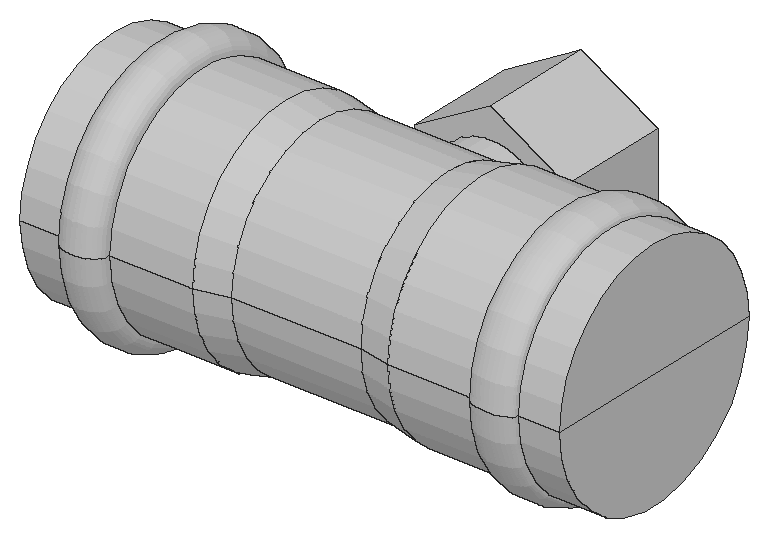
Revit family "VTi.932.I_Фитинг_пресс-тройник с внутр резьбой_Нерж_VALTEC", category Обобщенные модели, Revit 2023
Family settings
  Может служить основой для арматурных стержней = Нет
  Размер круглого соединителя = Использовать диаметр
  Тип детали = Нормальный
  На основе рабочей плоскости = Нет
  Всегда вертикально = Да
  При загрузке вырезать с полостями = Нет
  Сохранять ориентацию аннотаций = Нет
  Общий = Нет
  Точка принадлежности помещению = Нет
Parameters
  Отметка по умолчанию = 0.00 mm
  l6 [instance] = size_lookup(LT, "l6", 20.56 mm, dn1, dn2)  # 27.52 mm
  l5 [instance] = 31.50 mm
  l4 [instance] = 8.05 mm
  l3 [instance] = size_lookup(LT, "l3", 9.75 mm, dn1, dn2)  # 20.30 mm
  l2 [instance] = size_lookup(LT, "l2", 6.49 mm, dn1, dn2)  # 11.40 mm
  l1 [instance] = size_lookup(LT, "l1", 6.25 mm, dn1, dn2)  # 10.30 mm
  h_выступа [instance] = size_lookup(LT, "h_выступа", 2.50 mm, dn1, dn2)  # 4.10 mm
  dn2 [instance] = 28 mm
  dn1 [instance] = 54 mm
  d_гайки [instance] = size_lookup(LT, "d_гайки", 27.00 mm, dn1, dn2)  # 43.00 mm
  d3 [instance] = size_lookup(LT, "d3", 15.00 mm, dn1, dn2)  # 28.00 mm
  d2 [instance] = size_lookup(LT, "d2", 15.00 mm, dn1, dn2)  # 54.00 mm
  d1 [instance] = size_lookup(LT, "d1", 18.00 mm, dn1, dn2)  # 57.40 mm
  LT = "VTi.932.I_Фитинг_пресс-тройник с внутр резьбой_Нерж_VALTEC"  # constant formula
  L2 [instance] = size_lookup(LT, "L2", 35.00 mm, dn1, dn2)  # 60.00 mm
  ADSK_Примечание [instance] = ""
  ADSK_Позиция [instance] = ""
  ADSK_Обозначение [instance] = ADSK_Марка  # "VTi.932.I.540654"
  ADSK_Наименование [instance] = size_lookup(LT, "", "Типоразмер не найден", dn1, dn2)  # "Фитинг из нержавеющей стали - пресс-тройник с внутренней резьбой 54 мм х 1\""
  ADSK_Материал = Сталь, нержавеющая - VALTEC
  ADSK_Масса [instance] = size_lookup(LT, "ADSK_Масса", 0, dn1, dn2)  # 0.36
  ADSK_Марка [instance] = size_lookup(LT, "ADSK_Марка", "Типоразмер не найден", dn1, dn2)  # "VTi.932.I.540654"
  ADSK_Количество = 1  # constant formula
  ADSK_Код изделия [instance] = "VTi.932.I"  # constant formula
  ADSK_Завод-изготовитель [instance] = "VALTEC"  # constant formula
  ADSK_Единица измерения = "шт."  # constant formula
Reference planes
  plane 1 "По центру (Вперед/Назад)": y = 0
  plane 2: z = 0
  plane 3 "По центру (Влево/Вправо)": x = 0
  plane 4: y = 28.7
  plane 5: y = -28.7
  plane 6: y = 60
  plane 7: x = -65.8
  plane 8: x = 65.8
  plane 9: y = 32.48
  plane 10: x = -55.5
  plane 11: x = -44.1
  plane 12: x = -23.8
  plane 13: x = -15.75
  plane 14: x = 15.75
  plane 15: x = 23.8
  plane 16: x = 44.1
  plane 17: x = 55.5
Forms (mm)
  Revolve 1, solid, material "Сталь, нержавеющая - VALTEC" <- "ADSK_Материал"
    sketch origin (0, 0, 0) x (1, 0, 0) y (0, 1, 0)
      loop
        line (-65.8, 0) -> (-23.8, 0) -> (-23.8, 28.7) -> (-44.1, 28.7)
        spline (-44.1, 28.7) -> (-44.294, 29.761) -> (-44.864, 30.75) -> (-45.769, 31.599) -> (-46.95, 32.251) -> (-48.325, 32.66) -> (-49.8, 32.8) -> (-51.275, 32.66) -> (-52.65, 32.251) -> (-53.831, 31.599) -> (-54.736, 30.75) -> (-55.306, 29.761) -> (-55.5, 28.7)
        line (-55.5, 28.7) -> (-65.8, 28.7) -> (-65.8, 0)
      axis (-65.8, 0) -> (-23.8, 0)
    angle from 0 to 360
  Revolve 2, solid, material "Сталь, нержавеющая - VALTEC" <- "ADSK_Материал"
    sketch origin (0, 0, 0) x (1, 0, 0) y (0, 1, 0)
      loop
        line (65.8, 0) -> (65.8, 28.7) -> (55.5, 28.7)
        spline (55.5, 28.7) -> (55.306, 29.347) -> (54.736, 29.95) -> (53.831, 30.468) -> (52.65, 30.865) -> (51.275, 31.115) -> (49.8, 31.2) -> (48.325, 31.115) -> (46.95, 30.865) -> (45.769, 30.468) -> (44.864, 29.95) -> (44.294, 29.347) -> (44.1, 28.7)
        line (44.1, 28.7) -> (23.8, 28.7) -> (23.8, 0) -> (65.8, 0)
      axis (23.8, 0) -> (65.8, 0)
    angle from 0 to 360
  SweptBlend 3, solid, material "Сталь, нержавеющая - VALTEC" <- "ADSK_Материал"
    path in 3D
      loop
        line (-23.8, 0, 0) -> (-15.75, 0, 0)
    profile origin (-23.8, 0, 0) x (0, 1, 0) y (0, 0, 1)
      loop
        circle (0, 0) r 28.7
    end profile origin (-15.75, 0, 0) x (0, 1, 0) y (0, 0, 1)
      loop
        circle (0, 0) r 27
  SweptBlend 4, solid, material "Сталь, нержавеющая - VALTEC" <- "ADSK_Материал"
    path in 3D
      loop
        line (15.75, 0, 0) -> (23.8, 0, 0)
    profile origin (15.75, 0, 0) x (0, 1, 0) y (0, 0, 1)
      loop
        circle (0, 0) r 27
    end profile origin (23.8, 0, 0) x (0, 1, 0) y (0, 0, 1)
      loop
        circle (0, 0) r 28.7
  Sweep 5, solid, material "Сталь, нержавеющая - VALTEC" <- "ADSK_Материал"
    path in 3D
      loop
        line (-15.75, 0, 0) -> (15.75, 0, 0)
    profile origin (0, 0, 0) x (0, 1, 0) y (0, 0, 1)
      loop
        circle (0, 0) r 27
  Sweep 6, solid, material "Сталь, нержавеющая - VALTEC" <- "ADSK_Материал"
    path in 3D
      loop
        line (0, 32.48, 0) -> (0, 0, 0)
    profile origin (0, 16.24, 0) x (1, 0, 0) y (0, 0, 1)
      loop
        circle (0, 0) r 14
Cuts and joins
  joined: Revolve 1, Revolve 2, SweptBlend 3, SweptBlend 4, Sweep 5, Sweep 6
Lines and regions (mm)
  model lines
    curve 1: line (-65.8, 0, 0) -> (-23.8, 0, 0)
    curve 2: line (-23.8, 0, 0) -> (-15.75, 0, 0)
    curve 3: line (-15.75, 0, 0) -> (15.75, 0, 0)
    curve 4: line (15.75, 0, 0) -> (23.8, 0, 0)
    curve 5: line (23.8, 0, 0) -> (65.8, 0, 0)
    curve 8: line (0, 32.48, 0) -> (0, 0, 0)
  sketch lines
    curve 6: line (-23.8, 0, 0) -> (-15.75, 0, 0)
    curve 7: line (15.75, 0, 0) -> (23.8, 0, 0)
    curve 9: line (-15.75, 0, 0) -> (15.75, 0, 0)
    curve 10: line (0, 32.48, 0) -> (0, 0, 0)
Dimensions and locks
  equal spacing: plane 5, plane 1 "По центру (Вперед/Назад)", plane 4
  "d1": plane 5 to plane 4
  "L2": plane 1 "По центру (Вперед/Назад)" to plane 6
  "l6": plane 9 to plane 6
  "l1": plane 7 to plane 10
  "l2": plane 10 to plane 11
  "l3": plane 11 to plane 12
  "l4": plane 12 to plane 13
  "l5": plane 13 to plane 14
  "l4": plane 14 to plane 15
  "l3": plane 15 to plane 16
  "l2": plane 16 to plane 17
  "h_выступа": Revolve 1 sketch curve to Revolve 1 sketch curve
  equal spacing: plane 13, plane 3 "По центру (Влево/Вправо)", plane 14
  "l1": plane 17 to plane 8
  "d1": diameter of SweptBlend 3 sketch curve
  "d2": diameter of SweptBlend 3 sketch curve
  "d2": diameter of SweptBlend 4 sketch curve
  "d1": diameter of SweptBlend 4 sketch curve
  "d2": diameter of Sweep 5 sketch curve
  "d3": diameter of Sweep 6 sketch curve
  aligned and locked: level to plane 2
  aligned and locked: plane 7 to curve 1
  aligned and locked: plane 12 to curve 1
  aligned and locked: plane 1 "По центру (Вперед/Назад)" to curve 1
  aligned and locked: plane 1 "По центру (Вперед/Назад)" to curve 2
  aligned and locked: plane 13 to curve 3
  aligned and locked: plane 14 to curve 3
  aligned and locked: plane 1 "По центру (Вперед/Назад)" to curve 3
  aligned and locked: plane 15 to curve 4
  aligned and locked: plane 1 "По центру (Вперед/Назад)" to curve 4
  aligned and locked: plane 8 to curve 5
  aligned and locked: plane 1 "По центру (Вперед/Назад)" to curve 5
  aligned and locked: plane 4 to Revolve 1 sketch curve  (x2)
  aligned and locked: Revolve 1 sketch curve to plane 7
  aligned and locked: Revolve 1 sketch curve to plane 12
  aligned and locked: Revolve 1 sketch curve to plane 1 "По центру (Вперед/Назад)"
  aligned and locked: Revolve 2 sketch curve to plane 4  (x2)
  aligned and locked: plane 1 "По центру (Вперед/Назад)" to Revolve 2 sketch curve
  aligned and locked: Revolve 2 sketch curve to plane 15
  aligned and locked: Revolve 2 sketch curve to plane 8
  aligned and locked: plane 9 to curve 8
  aligned and locked: curve 8 to plane 3 "По центру (Влево/Вправо)"
  aligned and locked: plane 9 to nested 1
Automatic sketch dimensions
  plane 1 "По центру (Вперед/Назад)" to Revolve 2 sketch curve = 0.00 mm
  Revolve 2 sketch curve to plane 15 = 0.00 mm
  Revolve 2 sketch curve to plane 16 = 0.00 mm
  Revolve 2 sketch curve to plane 17 = 0.00 mm
  Revolve 2 sketch curve to plane 8 = 0.00 mm
  plane 1 "По центру (Вперед/Назад)" to Revolve 1 sketch curve = 0.00 mm
  Revolve 1 sketch curve to plane 7 = 0.00 mm
  Revolve 1 sketch curve to plane 10 = 0.00 mm
  Revolve 1 sketch curve to plane 11 = 0.00 mm
  Revolve 1 sketch curve to plane 12 = 0.00 mm
  SweptBlend 3 sketch curve to profile plane = 0.00 mm  (x4)
  SweptBlend 4 sketch curve to profile plane = 0.00 mm  (x4)
  Sweep 5 sketch curve to profile plane = 0.00 mm  (x2)
  profile plane to Sweep 6 sketch curve = 0.00 mm
  Sweep 6 sketch curve to profile plane = 0.00 mm
Nested families
  nested 1: "Гайка_6 сторон" at (0, 32.48, 0), L <- "l6", d <- "d_гайки", ADSK_Материал <- "ADSK_Материал", type "Гайка_6 сторон"
    with m 37.239 mm, d 43.00 mm, L 27.52 mm, ADSK_Материал Сталь, нержавеющая - VALTEC
Connectors
  piping at (65.8, 0, 0), diameter 54, driven by "dn1"
    settings: on cut or joined group of Revolve 1, Revolve 2, SweptBlend 3, SweptBlend 4, Sweep 5, Sweep 6, index 1, connector inside diameter 609.6 mm, connector length 0.00 mm, flow factor 0, pipe flow 0.0 L/s, pressure drop 0.0 Pa, fitting loss kfactor 0, connector angle 0.00°, fixture units 0, engagement length 0.00 mm, angle of deflection 0.00°, flow configuration 0, flow direction 0, fitting loss method 0, system type 28, joint type 0, gender type 0, connector reference index -1, connector utility 0, adjustable connector no, is connector primary yes, connector description ""
  piping at (-65.8, 0, 0), diameter 54, driven by "dn1"
    settings: on cut or joined group of Revolve 1, Revolve 2, SweptBlend 3, SweptBlend 4, Sweep 5, Sweep 6, index 2, connector inside diameter 609.6 mm, connector length 0.00 mm, flow factor 0, pipe flow 0.0 L/s, pressure drop 0.0 Pa, fitting loss kfactor 0, connector angle 0.00°, fixture units 0, engagement length 0.00 mm, angle of deflection 0.00°, flow configuration 0, flow direction 0, fitting loss method 0, system type 28, joint type 0, gender type 0, connector reference index -1, connector utility 0, adjustable connector no, is connector primary no, connector description ""
  piping at (0, 60, 0), diameter 28, driven by "dn2"
    settings: on nested 1, index 3, connector inside diameter 609.6 mm, connector length 0.00 mm, flow factor 0, pipe flow 0.0 L/s, pressure drop 0.0 Pa, fitting loss kfactor 0, connector angle 0.00°, fixture units 0, engagement length 0.00 mm, angle of deflection 0.00°, flow configuration 0, flow direction 0, fitting loss method 0, system type 28, joint type 0, gender type 0, connector reference index -1, connector utility 0, adjustable connector no, is connector primary no, connector description ""
Definition of nested family "Гайка_6 сторон"
  Parameters (values of type "Гайка_6 сторон")
    Default Elevation = 0.00 mm
    m [instance] = (d / 2) / (2 * tan(180.00° / 6)) * 2  # 12.99 mm
    d [instance] = 15.00 mm
    L [instance] = 15.008 mm
    ADSK_Материал [instance] = none
  Reference planes
    plane 1 "По центру (Вперед/Назад)": y = 0
    plane 2: z = 0
    plane 3 "По центру (Влево/Вправо)": x = 0
    plane 4: x = -6.495
    plane 5: x = 6.495
    plane 6: z = 7.5
    plane 7: z = -7.5
    plane 8: through (-4.434, -1524, 2.56) normal (0.5, 0, 0.866)
    plane 9: through (4.434, -1524, 2.56) normal (0.5, 0, -0.866)
    plane 10: through (-1.187, -1524, 8.185) normal (0.5, 0, 0.866)
    plane 11: through (-7.682, -1524, -3.065) normal (0.5, 0, 0.866)
    plane 12: through (1.187, -1524, 8.185) normal (0.5, 0, -0.866)
    plane 13: through (7.682, -1524, -3.065) normal (0.5, 0, -0.866)
    plane 14: y = 15.008
  Forms (mm)
    Extrusion 1, solid, material <- "ADSK_Материал"
      sketch origin (0, 0, 0) x (1, 0, 0) y (0, 0, 1)
        loop
          line (0, 7.5) -> (-6.495, 3.75) -> (-6.495, -3.75) -> (0, -7.5) -> (6.495, -3.75) -> (6.495, 3.75) -> (0, 7.5)
      from -15.008 to 0
  Dimensions and locks
    equal spacing: plane 5, plane 3 "По центру (Влево/Вправо)", plane 4
    "m": plane 5 to plane 4
    equal spacing: plane 6, plane 2, plane 7
    "d": plane 6 to plane 7
    equal spacing: plane 12, plane 9, plane 13
    "m": plane 12 to plane 13
    equal spacing: plane 10, plane 8, plane 11
    "m": plane 10 to plane 11
    "L": plane 1 "По центру (Вперед/Назад)" to plane 14
    aligned and locked: level to plane 2
    aligned and locked: Extrusion 1 sketch curve to plane 4
    aligned and locked: plane 12 to Extrusion 1 sketch curve
    aligned and locked: plane 10 to Extrusion 1 sketch curve
    aligned and locked: Extrusion 1 sketch curve to plane 5
    aligned and locked: Extrusion 1 sketch curve to plane 13
    aligned and locked: Extrusion 1 sketch curve to plane 11
    aligned and locked: plane 1 "По центру (Вперед/Назад)" to Extrusion 1
    aligned and locked: plane 14 to Extrusion 1
